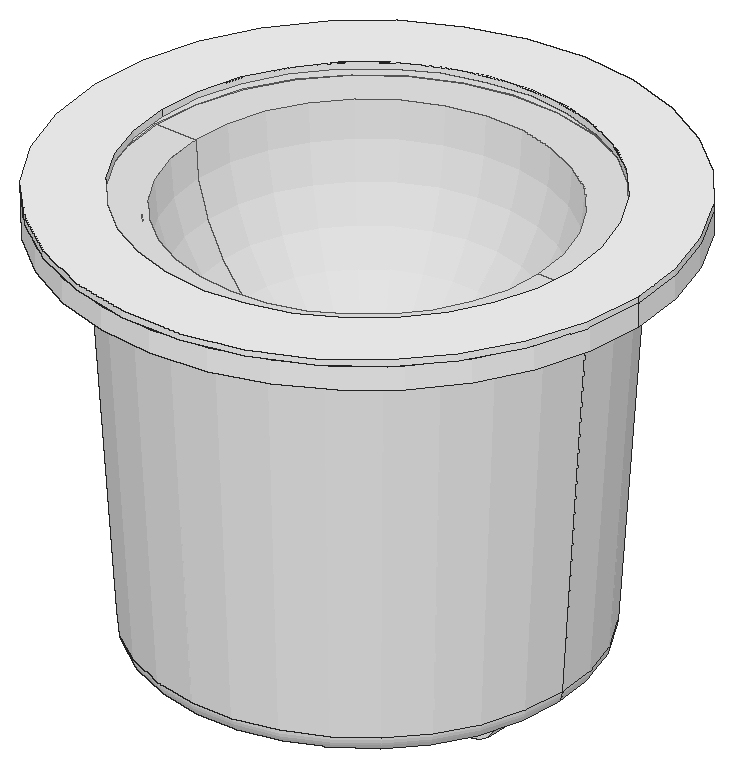
Revit family "2058915", category Lighting Fixtures, host Face, Revit 2018
Family settings
  Host = Face
  Round Connector Dimension = Use Diameter
  Part Type = Normal
  OmniClass Number = 23.80.70.11.17
  OmniClass Title = Specialized Lighting by Location or Use
  Cut with Voids When Loaded = No
  Light Source = Yes
  Shared = No
  Room Calculation Point = No
Parameters (values of type "2058915 MYRIAD DECO IP65 SP 4K DALI EM SI CBEZ")
  Weight = "n/a"
  Wattage = 15 W
  WarrantyStartDate [instance] = "n/a"
  WarrantyGuarantorParts = "n/a"
  WarrantyDurationUnit = "n/a"
  WarrantyDurationParts = ""
  WarrantyDescription = "http://www.sylvania-lighting.com"
  built-in parameter 1150110 = 1 (stored number, unit not read)
  Voltage = 230 V
  URL = "0"
  TypeName = "MYRIAD DECO IP65 SPOT 4000K DALI EM SILVER CBEZ"
  Type Image = 0
  Type Comments = ""
  built-in parameter 1114217 = 1 (stored number, unit not read)
  Tilt Angle = -90°
  built-in parameter 1150109 = 1 (stored number, unit not read)
  built-in parameter 1150134 = (empty or 0)
  built-in parameter 1150113 = 1 (stored number, unit not read)
  SerialNumber [instance] = "n/a"
  Reflector Radius = Cutout Diameter / 2 - 2.5 mm  # 35.0 mm
  Reflector Material = Aluminum_Sylvania_Myriad_Bright
  Recessed Depth = Height  # 72.0 mm
  PowerFactor = 0
  PowerConsumption = "Lighting"
  Photometric Web File = "2058915.ies"
  NominalWidth = 0.0 mm
  NominalLength = 76.0 mm
  NominalHeight = 72.0 mm
  Name = "MYRIAD DECO IP65 SPOT 4000K DALI EM SILVER CBEZ"
  ModelReference = "MYRIAD DECO IP65 SPOT 4000K DALI EM SILVER CBEZ"
  ModelNumber = "2058915"
  Material = "Feilo Sylvania"
  ManufacturerName = "94 lm/W"
  LuminousEfficacy = ""
  LuminaireType = "0"
  LightOutputRatio = "LED"
  LampsType = Lamp  # "n/a"
  LampNominalLuminous = "4000 K"
  LampMacAdamStep = "90"
  LampColourTemperature = "LED"
  LampColourRenderingIndex = "16500"
  Keynote = "n/a"
  Keynote_2 = "16500"
  InstallationDate [instance] = "n/a"
  InputVoltage = "0"
  InputNominalFrequency = "4000"
  IngressProtection = "IfcLightFixtureType"
  ImpactProtectionIndex = "IfcLightFixtureType"
  IfcExportType = "IfcLightFixtureType"
  IfcExportAs = "Class II"
  Height = 72.0 mm  # constant formula
  ExpectedLife = 50000
  Emit from Circle Diameter = Accessory Inner Diameter 2  # 68.0 mm
  Emit Shape Visible in Rendering = no
  ElectricShockClassification = "94"
  DurationUnit = "hours"
  DocumentationLiterature = "http://www.sylvania-lighting.com/product/en-int/products/2058915"
  DimmingControlOptions = "n/a"
  Diffuser Material = Glass_Sylvania_Myriad_Clear_4000K
  Diffuser Diameter = Cutout Diameter  # 75.0 mm
  Cutout Diameter = 75.0 mm  # constant formula
  CreatedOn = "03/02/2022"
  CreatedBy = "@sylvania-lighting.com"
  Cost = 0
  built-in parameter 1114216 [instance] = 1 (stored number, unit not read)
  Model = "MYRIAD DECO IP65 SPOT 4000K DALI EM SILVER CBEZ"
  Manufacturer = "Feilo Sylvania"  # constant formula
  built-in parameter 1150105 = 83.556 (stored number, unit not read)
  Lumens = 1050 lm
  built-in parameter 1150115 = 1 (stored number, unit not read)
  built-in parameter 1150137 = (empty or 0)
  built-in parameter 1150139 = (empty or 0)
  built-in parameter 1150112 = 1 (stored number, unit not read)
  built-in parameter 1150114 = 1 (stored number, unit not read)
  Lamp = "n/a"
  built-in parameter 1150132 = (empty or 0)
  built-in parameter 1150102 = (empty or 0)
  built-in parameter 1150107 = 2700 (stored number, unit not read)
  built-in parameter 1150138 = (empty or 0)
  built-in parameter 1150106 = 0.83556 (stored number, unit not read)
  built-in parameter 1150104 = 6.5032 (stored number, unit not read)
  Dimming Lamp Color Temperature Shift = <None>
  Description = "Supplied complete with electronic control gear Compact Fluorescent low energy downlight Emergency version passes through the cut out Ideal for low level orientation lighting New range of Architectural accessories each providing a different lit dimension New completely flush plaster up accessory ring for clean ceiling lines and smooth finish Order lamp separately"  # constant formula
  Default Elevation = 0.0 mm
  Color Filter = 16777215
  built-in parameter 1140040 [instance] = 1
  Body Radius = Reflector Radius + 1.5 mm  # 36.5 mm
  Body Material = Aluminum_Sylvania_Myriad_Gray
  BarCode [instance] = "n/a"
  built-in parameter 1114218 = 1 (stored number, unit not read)
  built-in parameter 1150133 = 10 (stored number, unit not read)
  AssetType = "Fixed"
  AssetIdentifier [instance] = "n/a"
  Assembly Code = "D5020200"
  Apparent Load = 12 VA
  Accessory Material = Aluminum_Sylvania_Myriad_White
  Accessory Inner Diameter 2 = Accessory Diameter - 22.0 mm  # 68.0 mm
  Accessory Inner Diameter 1 = Accessory Diameter - 2.0 mm  # 88.0 mm
  Accessory Diameter = Cutout Diameter + 15.0 mm  # 90.0 mm
Reference planes
  plane 1 "Center (Front/Back)": y = 0
  plane 2: z = 0
  plane 3 "Center (Left/Right)": x = 0
  plane 4: z = 2
  plane 5 "Fixture Bottom": z = 4.5
  plane 6: z = -28.5
  plane 7: z = -61.5
  plane 8 "Fixture Top": z = -67.5
  plane 9: z = 3.5
Forms (mm)
  Revolve 1, solid, material "Aluminum_Sylvania_Myriad_Bright" <- "Reflector Material", detail levels fine
    sketch origin (0, 0, 0) x (1, 0, 0) y (0, 0, 1)
      loop
        line (0, -27.515) -> (-6, -27.515)
        arc (-6, -27.515) -> (-22.333, -16.632) -> (-28.5, 2) r 30.135
        line (-28.5, 2) -> (-35, 2) -> (-35, 0) -> (-29.184, 0)
        arc (-29.184, 0) -> (-22.423, -18.18) -> (-6, -28.5) r 30.204
        line (-6, -28.5) -> (0, -28.5) -> (0, -27.515)
      axis (0, -28.5) -> (0, 2)
    angle from 0 to 360
  Revolve 2, solid, material "Aluminum_Sylvania_Myriad_Gray" <- "Body Material", detail levels fine
    sketch origin (0, 0, 0) x (1, 0, 0) y (0, 0, 1)
      loop
        line (-44, 2) -> (-44, 0) -> (-36.5, 0) -> (-32.42, -58.708)
        arc (-32.42, -58.708) -> (-31.474, -60.694) -> (-29.428, -61.5) r 3
        line (-29.428, -61.5) -> (0, -61.5) -> (0, -28.5) -> (-6, -28.5)
        arc (-6, -28.5) -> (-22.423, -18.18) -> (-29.184, 0) r 30.204
        line (-29.184, 0) -> (-35, 0) -> (-35, 2) -> (-44, 2)
      axis (0, 2) -> (0, -61.5)
    angle from 0 to 360
  Extrusion 3, solid, material "Aluminum_Sylvania_Myriad_Gray" <- "Body Material", detail levels fine
    sketch origin (0, 0, 0) x (1, 0, 0) y (0, 0, 1)
      loop
        line (-13.5, -67.5) -> (21, -67.5)
        arc (21, -67.5) -> (23.828, -66.328) -> (25, -63.5) r 4
        line (25, -63.5) -> (25, -61.5) -> (-17.5, -61.5) -> (-17.5, -63.5)
        arc (-17.5, -63.5) -> (-16.328, -66.328) -> (-13.5, -67.5) r 4
    from -4.5 to 4.5
  Extrusion 4, solid, material "Aluminum_Sylvania_Myriad_White" <- "Accessory Material", detail levels fine
    sketch origin (0, 0, 0) x (1, 0, 0) y (0, 1, 0)
      loop
        circle (0, 0) r 45
      loop
        circle (0, 0) r 44
    from 0 to 3.5
  Extrusion 5, solid, material "Aluminum_Sylvania_Myriad_White" <- "Accessory Material", detail levels fine
    sketch origin (0, 0, 0) x (1, 0, 0) y (0, 1, 0)
      loop
        circle (0, 0) r 45
      loop
        circle (0, 0) r 34
    from 3.5 to 4.5
  Extrusion 6, solid, material "Aluminum_Sylvania_Myriad_White" <- "Accessory Material", detail levels coarse+medium
    sketch origin (0, 0, 0) x (1, 0, 0) y (0, 1, 0)
      loop
        circle (0, 0) r 45
    from 0 to 4.5
  Revolve 7, solid, detail levels coarse+medium
    sketch origin (0, 0, 0) x (1, 0, 0) y (0, 0, 1)
      loop
        line (36.5, 0) -> (0, 0) -> (0, -61.5) -> (32.226, -61.5) -> (36.5, 0)
      axis (0, 0) -> (0, -61.5)
    angle from 0 to 360
  Extrusion 8, void
    sketch origin (0, 0, 0) x (1, 0, 0) y (0, 1, 0)
      loop
        circle (0, 0) r 37.5
    from -67.5 to 0
  Extrusion 9, solid, material "Glass_Sylvania_Myriad_Clear_4000K" <- "Diffuser Material", detail levels fine
    sketch origin (0, 0, 0) x (1, 0, 0) y (0, 1, 0)
      loop
        circle (0, 0) r 37.5
    from 2 to 3.5
Cuts and joins
  joined: Extrusion 4, Extrusion 5
Lines and regions (mm)
  Masking region 1
    outline origin (0, 0, 0) x (1, 0, 0) y (0, 1, 0)
      loop
        circle (0, 0) r 45
  symbolic lines
    curve 1: arc (-34, 0, 0) -> (0, 34, 0) -> (34, 0, 0) r 34
    curve 2: arc (34, 0, 0) -> (0, -34, 0) -> (-34, 0, 0) r 34
Dimensions and locks
  locked: plane 7 to plane 8 "Fixture Top" at 6
  "Body Radius": Revolve 7 sketch curve to plane 3 "Center (Left/Right)"
  locked: Revolve 7 sketch curve to Revolve 7 sketch curve at 4.274
  plane 5 "Fixture Bottom" to plane 9 to plane 4 to plane 2 to plane 6 = 1.0 mm locked, 1.5 mm locked, 2.0 mm locked, 28.5 mm locked
  "Reflector Radius": Revolve 1 sketch curve to plane 3 "Center (Left/Right)"
  Revolve 1 sketch curve to Revolve 1 sketch curve to Revolve 1 sketch curve to Revolve 1 sketch curve = 6.5 mm locked, 22.5 mm locked, 0.0 mm locked
  "Reflector Radius": plane 3 "Center (Left/Right)" to Revolve 2 sketch curve
  Revolve 2 sketch curve to Revolve 2 sketch curve to Revolve 2 sketch curve = 7.5 mm locked, 1.5 mm locked
  Revolve 2 sketch curve to Revolve 2 sketch curve to Revolve 2 sketch curve = 5.816 mm locked, 23.184 mm locked
  Revolve 2 sketch curve to Revolve 2 sketch curve to Revolve 2 sketch curve = 2.58 mm locked, 2.993 mm locked
  "Accessory Diameter": diameter of Extrusion 4 sketch curve
  "Accessory Inner Diameter 1": diameter of Extrusion 4 sketch curve
  "Accessory Diameter": diameter of Extrusion 5 sketch curve
  "Accessory Diameter": diameter of Extrusion 6 sketch curve
  "Cutout Diameter": diameter of Extrusion 8 sketch curve
  "Accessory Inner Diameter 2": diameter of Extrusion 5 sketch curve
  "Diffuser Diameter": diameter of Extrusion 9 sketch curve
  aligned and locked: plane 2 to host face
  aligned and locked: level to host face
  aligned and locked: plane 1 "Center (Front/Back)" to imposter light
  aligned and locked: plane 3 "Center (Left/Right)" to imposter light
  aligned and locked: Revolve 1 sketch curve to imposter light
  aligned and locked: Extrusion 3 sketch curve to plane 8 "Fixture Top"
  aligned and locked: plane 7 to Extrusion 3 sketch curve
  aligned and locked: Extrusion 4 to plane 2
  aligned and locked: plane 9 to Extrusion 4
  aligned and locked: Extrusion 5 to plane 9
  aligned and locked: plane 5 "Fixture Bottom" to Extrusion 5
  aligned and locked: Extrusion 6 to plane 2
  aligned and locked: plane 5 "Fixture Bottom" to Extrusion 6
  aligned and locked: Extrusion 8 to plane 8 "Fixture Top"
  aligned and locked: plane 2 to Extrusion 8
  aligned and locked: Masking region 1 sketch curve to Extrusion 6  (x2)
  aligned and locked: Extrusion 9 to plane 4
  aligned and locked: plane 9 to Extrusion 9
  aligned and locked: plane 4 to Revolve 2 sketch curve
  aligned and locked: Revolve 2 sketch curve to plane 2
  aligned and locked: curve 1 to cut or joined group of Extrusion 4, Extrusion 5
  aligned and locked: curve 2 to cut or joined group of Extrusion 4, Extrusion 5
  aligned and locked: imposter light to plane 5 "Fixture Bottom"
Automatic sketch dimensions
  host sketch curve to host sketch curve = 1305.563 mm
  host sketch curve to host sketch curve = 1283.632 mm
  Extrusion 3 sketch curve to plane 7 = 2.0 mm
  Extrusion 3 sketch curve to plane 3 "Center (Left/Right)" = 13.5 mm
  plane 3 "Center (Left/Right)" to Extrusion 3 sketch curve = 21.0 mm
  Extrusion 3 sketch curve to Extrusion 3 sketch curve = 4.0 mm
  Revolve 1 sketch curve to level = 0.0 mm
  Revolve 1 sketch curve to plane 3 "Center (Left/Right)" = 0.0 mm
  Revolve 1 sketch curve to plane 6 = 0.0 mm
  Revolve 1 sketch curve to plane 4 = 0.0 mm
  Revolve 1 sketch curve to Revolve 1 sketch curve = 0.684 mm
  level to Revolve 1 sketch curve = 0.88 mm
  Revolve 1 sketch curve to plane 4 = 0.363 mm
  Revolve 1 sketch curve to Revolve 1 sketch curve = 0.625 mm
  Revolve 1 sketch curve to plane 8 "Fixture Top" = 232.8 mm
  plane 5 "Fixture Bottom" to Revolve 1 sketch curve = 291.243 mm
  Revolve 2 sketch curve to plane 3 "Center (Left/Right)" = 0.0 mm  (x2)
  Revolve 2 sketch curve to plane 7 = 0.0 mm
  Revolve 2 sketch curve to plane 6 = 0.0 mm
  Revolve 2 sketch curve to level = 0.0 mm
  level to Revolve 2 sketch curve = 0.88 mm
  plane 7 to Revolve 2 sketch curve = 2.792 mm
  Revolve 2 sketch curve to plane 8 "Fixture Top" = 304.774 mm
  plane 5 "Fixture Bottom" to Revolve 2 sketch curve = 1137.105 mm
  Extrusion 4 sketch curve to Extrusion 4 sketch curve = 0.0 mm  (x2)
  plane 1 "Center (Front/Back)" to Extrusion 4 sketch curve = 0.0 mm
  Extrusion 4 sketch curve to plane 3 "Center (Left/Right)" = 0.0 mm
  Extrusion 5 sketch curve to Extrusion 5 sketch curve = 0.0 mm  (x2)
  plane 1 "Center (Front/Back)" to Extrusion 5 sketch curve = 0.0 mm
  Extrusion 5 sketch curve to plane 3 "Center (Left/Right)" = 0.0 mm
  plane 1 "Center (Front/Back)" to Extrusion 6 sketch curve = 0.0 mm
  Extrusion 6 sketch curve to plane 3 "Center (Left/Right)" = 0.0 mm
  Revolve 7 sketch curve to level = 0.0 mm
  Revolve 7 sketch curve to plane 3 "Center (Left/Right)" = 0.0 mm  (x2)
  Revolve 7 sketch curve to plane 7 = 0.0 mm
  Revolve 7 sketch curve to plane 8 "Fixture Top" = 304.774 mm
  plane 5 "Fixture Bottom" to Revolve 7 sketch curve = 43.226 mm
  plane 1 "Center (Front/Back)" to Extrusion 8 sketch curve = 0.0 mm
  Extrusion 8 sketch curve to plane 3 "Center (Left/Right)" = 0.0 mm
  plane 1 "Center (Front/Back)" to Extrusion 9 sketch curve = 0.0 mm
  Extrusion 9 sketch curve to plane 3 "Center (Left/Right)" = 0.0 mm
Connectors
  electrical at (-0.006, -0.019, -67.5), driven by "Apparent Load", driven by "Apparent Load"
    settings: on plane 8 "Fixture Top", index 1, voltage 230 V, apparent load 12 VA, apparent load phase1 12 VA, apparent load phase2 0 VA, apparent load phase3 0 VA, power factor 1, load classification "Lighting", number of poles 1, system type 30, power factor state 1, is connector primary yes, connector utility no, sub classification motor no, connector description ""
